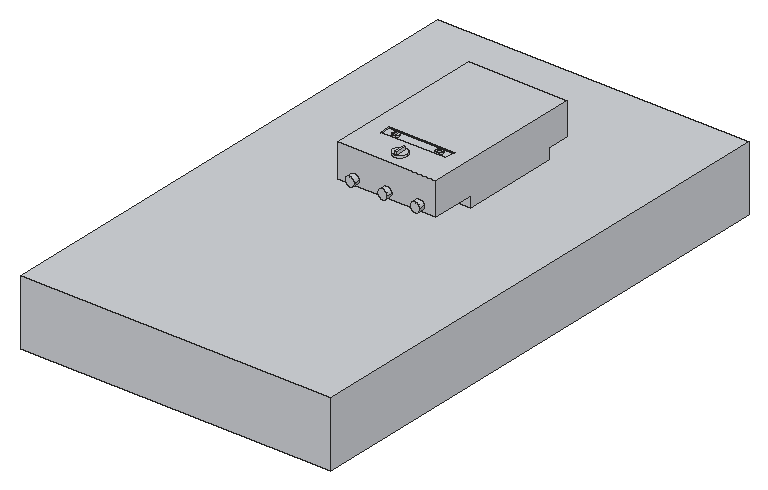
Revit family "M_Water Heater - Tankless", category Mechanical Equipment, host Face, Revit 2023
Family settings
  Host = Face
  Round Connector Dimension = Use Radius
  Part Type = Normal
  OmniClass Number = 23.65.35.11.14
  OmniClass Title = Instantaneous Water Heaters
  Cut with Voids When Loaded = No
  Maintain Annotation Orientation = No
  Shared = No
  Room Calculation Point = No
Parameters (values of type "2.3 L")
  Water Heater Width = 203 mm
  Water Heater Material = none
  Water Heater Length = 457 mm
  Water Heater Height = 762 mm
  Voltage = 120 V
  Vent Radius = 50 mm
  Vent Diameter = 2 * Vent Radius  # 100 mm
  Number of Poles = 1
  Hot Water Radius = 7.5 mm
  Hot Water Diameter = 2 * Hot Water Radius  # 15 mm
  Half Water Heater Length = Water Heater Length / 2  # 228.5 mm
  Gas Radius = 7.5 mm
  Gas Diameter = 2 * Gas Radius  # 15 mm
  Flow Pressure [instance] = 172369.0 Pa
  Flow [instance] = 0.82 L/s
  Default Elevation = 1500 mm
  Cold Water Radius = 7.5 mm
  Cold Water Diameter = 2 * Cold Water Radius  # 15 mm
  Assembly Code = ""
  Apparent Load = 125 VA
Reference planes
  plane 1 "Centre (Front/Back)": y = 0
  plane 2: z = 0
  plane 3 "Centre (Left/Right)": x = 0
  plane 4: y = 762
  plane 5: x = -228.5
  plane 6: x = 228.5
  plane 7: z = 50.8
  plane 8: z = 203
  plane 9: y = 203.2
  plane 10: y = 660.4
  plane 11: y = -25.4
  plane 12: z = 76.2
  plane 13: x = -152.3
  plane 14: x = 152.3
  plane 15: y = 152.4
  plane 16: x = -152.4
  plane 17: x = 152.4
  plane 18: z = 199.825
  plane 19: x = -101.6
  plane 20: x = 101.6
  plane 21: y = 177.8
  plane 22: y = 76.2
  plane 23: z = 209.35
  plane 24: z = 206.175
  plane 25: x = 3.175
  plane 26: x = -3.175
  plane 27: z = 222.05
  plane 28: y = 101.6
  plane 29: y = 50.8
  plane 30: x = -103.187
  plane 31: x = -100.012
  plane 32: y = 190.5
  plane 33: y = 165.1
  plane 34: z = 126.9
Forms (mm)
  Extrusion 1, solid
    sketch origin (0, 0, 0) x (1, 0, 0) y (0, 1, 0)
      loop
        line (-736.6, 1219.2) -> (-736.6, -1219.2) -> (711.2, -1219.2) -> (711.2, 1219.2) -> (-736.6, 1219.2)
    from 0 to -304.8
  Extrusion 2, solid, material <- "Water Heater Material", detail levels fine
    sketch origin (0, 0, 0) x (0, 1, 0) y (0, 0, 1)
      loop
        line (762, 203) -> (0, 203) -> (0, 50.8) -> (203.2, 50.8) -> (203.2, 0) -> (660.4, 0) -> (660.4, 50.8) -> (762, 50.8) -> (762, 203)
    from -228.5 to 228.5
  Extrusion 3, solid, material <- "Water Heater Material", detail levels fine
    sketch origin (0, 0, 0) x (1, 0, 0) y (0, 0, 1)
      loop
        circle (-152.3, 76.2) r 21.431
      loop
        circle (0, 76.2) r 21.431
      loop
        circle (152.3, 76.2) r 21.431
    from 25.4 to 0
  Extrusion 4, void
    sketch origin (0, 0, 0) x (1, 0, 0) y (0, 1, 0)
      loop
        line (-152.4, 203.2) -> (-152.4, 152.4) -> (152.4, 152.4) -> (152.4, 203.2) -> (-152.4, 203.2)
    from 199.825 to 203
  Extrusion 5, solid, material <- "Water Heater Material", detail levels fine
    sketch origin (0, 0, 0) x (1, 0, 0) y (0, 1, 0)
      loop
        circle (-101.6, 177.8) r 15.875
      loop
        circle (101.6, 177.8) r 15.875
    from 199.825 to 203
  Extrusion 6, solid, material <- "Water Heater Material", detail levels fine
    sketch origin (0, 0, 0) x (1, 0, 0) y (0, 1, 0)
      loop
        circle (0, 76.2) r 31.75
    from 203 to 209.35
  Extrusion 7, solid, material <- "Water Heater Material", detail levels fine
    sketch origin (0, 0, 0) x (1, 0, 0) y (0, 1, 0)
      loop
        circle (101.6, 177.8) r 6.35
    from 203 to 206.175
  Extrusion 8, solid, material <- "Water Heater Material", detail levels fine
    sketch origin (0, 0, 0) x (1, 0, 0) y (0, 1, 0)
      loop
        line (-3.175, 101.6) -> (-3.175, 50.8) -> (3.175, 50.8) -> (3.175, 101.6) -> (-3.175, 101.6)
    from 209.35 to 222.05
  Extrusion 9, solid, material <- "Water Heater Material", detail levels fine
    sketch origin (0, 0, 0) x (1, 0, 0) y (0, 1, 0)
      loop
        line (-103.187, 190.5) -> (-103.187, 165.1) -> (-100.012, 165.1) -> (-100.012, 190.5) -> (-103.187, 190.5)
    from 203 to 209.35
  Extrusion 10, solid
    sketch origin (0, 0, 0) x (1, 0, 0) y (0, 1, 0)
      loop
        circle (0, 152.4) r 3.175
    from 76.2 to 50.8
  Extrusion 11, solid, material <- "Water Heater Material", detail levels fine
    sketch origin (0, 0, 0) x (1, 0, 0) y (0, 0, 1)
      loop
        circle (0, 126.9) r 12.7
    from -660.4 to -762
  Extrusion 12, solid, material <- "Water Heater Material", detail levels coarse+medium
    sketch origin (0, 0, 0) x (1, 0, 0) y (0, 0, 1)
      loop
        line (228.5, 203) -> (-228.5, 203) -> (-228.5, 0) -> (228.5, 0) -> (228.5, 203)
    from -762 to 25.4
Cuts and joins
  Extrusion 4 cuts Extrusion 2
  joined: Extrusion 2, Extrusion 3, Extrusion 5, Extrusion 6, Extrusion 7, Extrusion 8, Extrusion 9, Extrusion 11
Dimensions and locks
  "Water Heater Height": plane 4 to plane 1 "Centre (Front/Back)"
  "Half Water Heater Length": plane 5 to plane 3 "Centre (Left/Right)"
  "Water Heater Length": plane 5 to plane 6
  locked: plane 7 to plane 2 at 50.8
  "Water Heater Width": plane 2 to plane 8
  locked: plane 4 to plane 10 at 101.6
  locked: plane 9 to plane 1 "Centre (Front/Back)" at 203.2
  locked: plane 11 to Extrusion 2 at 25.4
  locked: plane 12 to plane 2 at 76.2
  locked: plane 13 to plane 5 at 76.2
  locked: plane 6 to plane 14 at 76.2
  locked: plane 15 to plane 1 "Centre (Front/Back)" at 152.4
  locked: plane 16 to plane 3 "Centre (Left/Right)" at 152.4
  locked: plane 3 "Centre (Left/Right)" to plane 17 at 152.4
  locked: plane 8 to plane 18 at 3.175
  locked: plane 19 to plane 3 "Centre (Left/Right)" at 101.6
  locked: plane 3 "Centre (Left/Right)" to plane 20 at 101.6
  equal spacing: plane 9, plane 21, plane 15
  locked: plane 22 to plane 1 "Centre (Front/Back)" at 76.2
  locked: plane 23 to plane 8 at 6.35
  locked: plane 24 to plane 8 at 3.175
  locked: plane 3 "Centre (Left/Right)" to plane 25 at 3.175
  locked: plane 26 to plane 3 "Centre (Left/Right)" at 3.175
  locked: plane 23 to plane 27 at 12.7
  locked: plane 28 to plane 22 at 25.4
  locked: plane 22 to plane 29 at 25.4
  locked: plane 30 to plane 19 at 1.587
  locked: plane 19 to plane 31 at 1.587
  locked: plane 32 to plane 21 at 12.7
  locked: plane 21 to plane 33 at 12.7
  equal spacing: plane 7, plane 34, plane 8
  radius of Extrusion 3 sketch curve = 21.431 mm  (x3)
  radius of Extrusion 5 sketch curve = 15.875 mm  (x2)
  radius of Extrusion 6 sketch curve = 31.75 mm
  radius of Extrusion 7 sketch curve = 6.35 mm
  aligned and locked: plane 2 to Extrusion 1
  aligned and locked: level to Extrusion 1
  aligned and locked: plane 4 to Extrusion 2
  aligned and locked: plane 8 to Extrusion 2  (x2)
  aligned and locked: plane 1 "Centre (Front/Back)" to Extrusion 2
  aligned and locked: Extrusion 2 to plane 7  (x2)
  aligned and locked: Extrusion 2 to plane 2
  aligned and locked: Extrusion 2 to plane 10
  aligned and locked: Extrusion 2 to plane 5
  aligned and locked: plane 6 to Extrusion 2
  aligned and locked: plane 14 to Extrusion 3 sketch curve
  aligned and locked: plane 12 to Extrusion 3 sketch curve  (x3)
  aligned and locked: plane 3 "Centre (Left/Right)" to Extrusion 3 sketch curve
  aligned and locked: plane 13 to Extrusion 3 sketch curve
  aligned and locked: Extrusion 3 to plane 11
  aligned and locked: Extrusion 3 to plane 1 "Centre (Front/Back)"
  aligned and locked: cut or joined group 1 (Extrusion 2, Extrusion 3, Extrusion 4, Extrusion 5, Extrusion 6, Extrusion 7, Extrusion 8, Extrusion 9, Extrusion 11) to plane 16
  aligned and locked: cut or joined group 1 to plane 15
  aligned and locked: plane 17 to cut or joined group 1
  aligned and locked: cut or joined group 1 to plane 9
  aligned and locked: plane 8 to Extrusion 4
  aligned and locked: Extrusion 4 to plane 18
  aligned and locked: plane 20 to Extrusion 5 sketch curve
  aligned and locked: plane 21 to Extrusion 5 sketch curve  (x2)
  aligned and locked: plane 19 to Extrusion 5 sketch curve
  aligned and locked: cut or joined group 1 to Extrusion 5
  aligned and locked: plane 8 to Extrusion 5
  aligned and locked: plane 3 "Centre (Left/Right)" to Extrusion 6 sketch curve
  aligned and locked: plane 22 to Extrusion 6 sketch curve
  aligned and locked: plane 23 to Extrusion 6
  aligned and locked: Extrusion 6 to plane 8
  aligned and locked: plane 20 to Extrusion 7 sketch curve
  aligned and locked: plane 21 to Extrusion 7 sketch curve
  aligned and locked: plane 24 to Extrusion 7
  aligned and locked: Extrusion 7 to plane 8
  aligned and locked: plane 26 to Extrusion 8
  aligned and locked: Extrusion 8 to plane 25
  aligned and locked: plane 28 to Extrusion 8
  aligned and locked: Extrusion 8 to plane 29
  aligned and locked: plane 27 to Extrusion 8
  aligned and locked: Extrusion 8 to Extrusion 6
  aligned and locked: plane 31 to Extrusion 9
  aligned and locked: Extrusion 9 to plane 30
  aligned and locked: plane 32 to Extrusion 9
  aligned and locked: Extrusion 9 to plane 33
  aligned and locked: Extrusion 6 to Extrusion 9
  aligned and locked: Extrusion 9 to plane 8
  aligned and locked: plane 3 "Centre (Left/Right)" to Extrusion 10 sketch curve
  aligned and locked: plane 15 to Extrusion 10 sketch curve
  aligned and locked: plane 7 to Extrusion 10
  aligned and locked: plane 12 to Extrusion 10
  aligned and locked: plane 3 "Centre (Left/Right)" to Extrusion 11 sketch curve
  aligned and locked: plane 34 to Extrusion 11 sketch curve
  aligned and locked: plane 4 to Extrusion 11
  aligned and locked: plane 10 to Extrusion 11
  aligned and locked: plane 4 to Extrusion 12
  aligned and locked: plane 8 to Extrusion 12
  aligned and locked: plane 6 to Extrusion 12
  aligned and locked: Extrusion 12 to plane 5
  aligned and locked: Extrusion 12 to plane 2
  aligned and locked: plane 11 to Extrusion 12
Automatic sketch dimensions
  Extrusion 2 sketch curve to plane 1 "Centre (Front/Back)" = 0 mm
  Extrusion 2 sketch curve to plane 7 = 0 mm  (x2)
  Extrusion 2 sketch curve to plane 9 = 0 mm
  Extrusion 2 sketch curve to level = 0 mm
  Extrusion 2 sketch curve to plane 10 = 0 mm
  Extrusion 2 sketch curve to plane 4 = 0 mm
  Extrusion 2 sketch curve to plane 8 = 0 mm
  Extrusion 4 sketch curve to plane 13 = 0.1 mm
  plane 14 to Extrusion 4 sketch curve = 0.1 mm
  Extrusion 4 sketch curve to plane 15 = 0 mm
  Extrusion 4 sketch curve to plane 9 = 0 mm
  Extrusion 8 sketch curve to plane 26 = 0 mm
  Extrusion 8 sketch curve to plane 25 = 0 mm
  Extrusion 8 sketch curve to plane 29 = 0 mm
  Extrusion 8 sketch curve to plane 28 = 0 mm
  Extrusion 9 sketch curve to plane 30 = 0 mm
  Extrusion 9 sketch curve to plane 31 = 0 mm
  Extrusion 9 sketch curve to plane 33 = 0 mm
  Extrusion 9 sketch curve to plane 32 = 0 mm
  Extrusion 12 sketch curve to plane 5 = 0 mm
  Extrusion 12 sketch curve to level = 0 mm
  Extrusion 12 sketch curve to plane 6 = 0 mm
  Extrusion 12 sketch curve to plane 8 = 0 mm
  Extrusion 1 sketch curve to Extrusion 1 sketch curve = 1447.8 mm
  Extrusion 1 sketch curve to Extrusion 1 sketch curve = 2438.4 mm
  radius of Extrusion 10 sketch curve = 3.175 mm
  radius of Extrusion 11 sketch curve = 12.7 mm
Connectors
  piping at (0, -25.4, 76.2), diameter 15, driven by "Cold Water Radius", driven by "Flow Pressure", driven by "Flow"
    settings: on cut or joined group 1, index 1, connector inside diameter 15 mm, connector length 0 mm, flow factor 0, pipe flow 0.82 L/s, pressure drop 172369.0 Pa, fitting loss kfactor 0, connector angle 0.00°, fixture units 0, engagement length 0 mm, angle of deflection 0.00°, flow configuration 1, flow direction 1, fitting loss method 0, system type 20, joint type 0, gender type 0, connector reference index 2, connector utility 0, adjustable connector no, is connector primary yes, connector description "In"
  piping at (-152.3, -25.4, 76.2), diameter 15, driven by "Hot Water Radius", driven by "Flow", driven by "Flow Pressure"
    settings: on cut or joined group 1, index 2, connector inside diameter 15 mm, connector length 0 mm, flow factor 0, pipe flow 0.82 L/s, pressure drop 172369.0 Pa, fitting loss kfactor 0, connector angle 0.00°, fixture units 0, engagement length 0 mm, angle of deflection 0.00°, flow configuration 0, flow direction 2, fitting loss method 0, system type 19, joint type 0, gender type 0, connector reference index 1, connector utility 0, adjustable connector no, is connector primary no, connector description "Out"
  piping at (152.3, -25.4, 76.2), diameter 15, driven by "Gas Radius"
    settings: on cut or joined group 1, index 3, connector inside diameter 15 mm, connector length 0 mm, flow factor 0, pipe flow 0.0 L/s, pressure drop 0.0 Pa, fitting loss kfactor 0, connector angle 0.00°, fixture units 0, engagement length 0 mm, angle of deflection 0.00°, flow configuration 1, flow direction 1, fitting loss method 0, system type 22, joint type 0, gender type 0, connector reference index -1, connector utility 0, adjustable connector no, is connector primary no, connector description "Gas In"
  hvac at (0, 762, 126.9), driven by "Vent Radius"
    settings: on cut or joined group 1, index 4, duct flow 0.0 L/s, flow factor 0, pres drop 0.0 Pa, loss coef 0, conn angle 0.00°, conn width 304.8 mm, conn height 304.8 mm, conn diameter 100 mm, duct sys type 3, conn prof type 0, flow config 1, flow direction 2, loss method 0, conn ref index -1, conn util no, is conn primary yes, conn desc ""
  electrical at (0, 152.4, 76.2), driven by "Apparent Load", driven by "Voltage", driven by "Number of Poles"
    settings: on Extrusion 10, index 5, voltage 120 V, apparent load 125 VA, apparent load phase1 0 VA, apparent load phase2 0 VA, apparent load phase3 0 VA, power factor 0.8, load classification "Water Heater", number of poles 1, system type 30, power factor state 1, is connector primary yes, connector utility no, sub classification motor no, connector description ""
